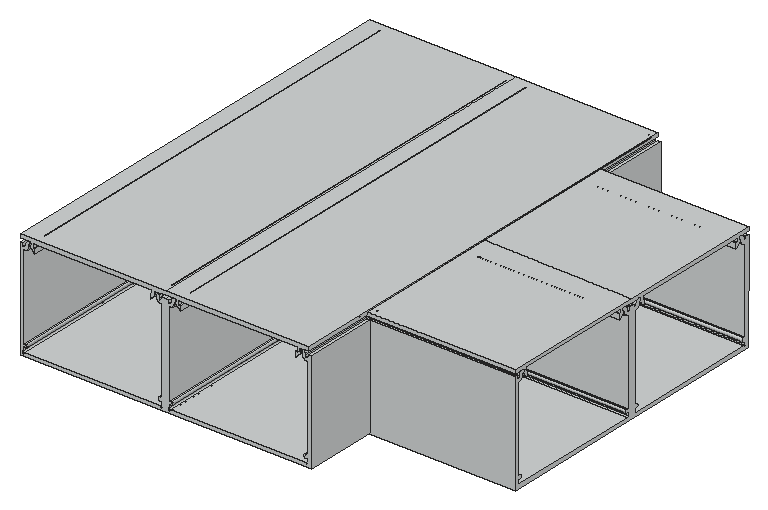
Revit family "Specialty_Equipment-Metal_Raceway-Hubbell_Wiring-Tee-HBLALU4815", category Specialty Equipment, host Face, Revit 2015
Parameters (values of type "HBLALU4815")
  URL = "http://www.hubbell-wiring.com/"
  Product data url = "https://bimobject.com/hubbellwiring/product/hubbell-metal-raceway-alu4800"
  Product Page URL = "http://ecatalog.hubbell-wiring.com/ProductInformation/ViewCatalog.aspx?Dest=hubbell-wiring.com/press/catalog/r.pdf"
  Product Documentation Link = "http://www.hubbell-wiring.com/press/pdfs/h5233r08.pdf"
  Model = "HBLALU4815"  # constant formula
  Manufacturer = "Hubbell Wiring Device Kellems"  # constant formula
  Host Note = "Add in Section View; Host to Wall"  # constant formula
  Description = "Tee"  # constant formula
  Default Elevation = 48.00"
  Cable Tray Material = Metal-Hubbell-Aluminum
  B = 9.00"
  Assembly Code = "D5090900"
  A = 9.00"
Reference planes (in)
  plane 1 "Center (Front/Back)": y = 0
  plane 2: z = 0
  plane 3 "Center (Left/Right)": x = 0
  plane 4: x = 3
  plane 5: y = -4.5
  plane 6: y = -9
  plane 7: x = 9
  plane 8: z = 1.07481
  plane 9: y = -6
  plane 10: y = -3
  plane 11: y = -1.5
  plane 12: y = -7.5
  plane 13: z = 2.23028
  plane 14: x = 6
Forms (in)
  Extrusion 1, solid, material "Metal-Hubbell-Aluminum" <- "Cable Tray Material"
    sketch origin (0, 0, 0) x (1, 0, 0) y (0, 0, 1)
      loop
        line (5.94262, 2.23028) -> (3, 2.23028) -> (0, 2.23028) -> (0, 2.15547) -> (0.20605, 2.15547)
        arc (0.20605, 2.15547) -> (0.23356, 2.1135) -> (0.1907, 2.08739) r 0.03491
        line (0.1907, 2.08739) -> (0.3063, 1.97179) -> (0.3063, 2.07567) -> (0.27431, 2.07567) -> (0.27431, 2.15547) -> (2.71819, 2.15547) -> (2.71819, 2.07567) -> (2.6862, 2.07567) -> (2.6862, 1.97179) -> (2.80067, 2.08626)
        arc (2.80067, 2.08626) -> (2.76559, 2.12109) -> (2.8005, 2.15609) r 0.03491
        line (2.8005, 2.15609) -> (3, 2.15609) -> (3.20605, 2.15547)
        arc (3.20605, 2.15547) -> (3.23356, 2.1135) -> (3.1907, 2.08739) r 0.03491
        line (3.1907, 2.08739) -> (3.3063, 1.97179) -> (3.3063, 2.07567) -> (3.27431, 2.07567) -> (3.27431, 2.15547) -> (5.71819, 2.15547) -> (5.71819, 2.07567) -> (5.6862, 2.07567) -> (5.6862, 1.97179) -> (5.80067, 2.08626)
        arc (5.80067, 2.08626) -> (5.76559, 2.12109) -> (5.8005, 2.15609) r 0.03491
        line (5.8005, 2.15609) -> (5.94262, 2.15609) -> (5.94262, 2.23028)
      loop
        line (3, 0) -> (6, 0) -> (6, 2.09475) -> (5.94262, 2.09475) -> (5.94262, 2.0349) -> (5.88028, 2.0349) -> (5.88028, 2.06645)
        arc (5.88028, 2.06645) -> (5.85965, 2.12128) -> (5.80799, 2.1489) r 0.08316
        arc (5.80799, 2.1489) -> (5.77884, 2.11761) -> (5.81794, 2.10029) r 0.02625
        line (5.81794, 2.10029) -> (5.81794, 2.04986)
        arc (5.81794, 2.04986) -> (5.84919, 1.98777) -> (5.91769, 1.97589) r 0.07731
        line (5.91769, 1.97589) -> (5.91769, 0.23067) -> (5.87903, 0.23067)
        arc (5.87903, 0.23067) -> (5.84786, 0.1995) -> (5.87903, 0.16833) r 0.03117
        line (5.87903, 0.16833) -> (5.91769, 0.16833) -> (5.91769, 0.09738)
        arc (5.91769, 0.09738) -> (5.9282, 0.0643) -> (5.89512, 0.07481) r 0.01955
        line (5.89512, 0.07481) -> (3.09738, 0.07481)
        arc (3.09738, 0.07481) -> (3.06353, 0.06353) -> (3.07481, 0.09738) r 0.01995
        line (3.07481, 0.09738) -> (3.07481, 0.16833) -> (3.11347, 0.16833)
        arc (3.11347, 0.16833) -> (3.14464, 0.1995) -> (3.11347, 0.23067) r 0.03117
        line (3.11347, 0.23067) -> (3.07481, 0.23067) -> (3.07481, 1.97589)
        arc (3.07481, 1.97589) -> (3.14331, 1.98777) -> (3.17456, 2.04986) r 0.07731
        line (3.17456, 2.04986) -> (3.17456, 2.10029)
        arc (3.17456, 2.10029) -> (3.21354, 2.11771) -> (3.18437, 2.14888) r 0.02622
        arc (3.18437, 2.14888) -> (3.1328, 2.12122) -> (3.11222, 2.06645) r 0.08316
        line (3.11222, 2.06645) -> (3.11222, 2.0349) -> (3.04987, 2.0349) -> (3.04987, 2.09475) -> (3, 2.09475) -> (2.91769, 2.09475) -> (2.91769, 2.0349) -> (2.88028, 2.0349) -> (2.88028, 2.06645)
        arc (2.88028, 2.06645) -> (2.85965, 2.12128) -> (2.80799, 2.1489) r 0.08316
        arc (2.80799, 2.1489) -> (2.77884, 2.11761) -> (2.81794, 2.10029) r 0.02625
        line (2.81794, 2.10029) -> (2.81794, 2.04986)
        arc (2.81794, 2.04986) -> (2.84919, 1.98777) -> (2.91769, 1.97589) r 0.07731
        line (2.91769, 1.97589) -> (2.91769, 0.23067) -> (2.87903, 0.23067)
        arc (2.87903, 0.23067) -> (2.84786, 0.1995) -> (2.87903, 0.16833) r 0.03117
        line (2.87903, 0.16833) -> (2.91769, 0.16833) -> (2.91769, 0.09738)
        arc (2.91769, 0.09738) -> (2.9282, 0.0643) -> (2.89512, 0.07481) r 0.01955
        line (2.89512, 0.07481) -> (0.09738, 0.07481)
        arc (0.09738, 0.07481) -> (0.06353, 0.06353) -> (0.07481, 0.09738) r 0.01995
        line (0.07481, 0.09738) -> (0.07481, 0.16833) -> (0.11347, 0.16833)
        arc (0.11347, 0.16833) -> (0.14464, 0.1995) -> (0.11347, 0.23067) r 0.03117
        line (0.11347, 0.23067) -> (0.07481, 0.23067) -> (0.07481, 1.97589)
        arc (0.07481, 1.97589) -> (0.14331, 1.98777) -> (0.17456, 2.04986) r 0.07731
        line (0.17456, 2.04986) -> (0.17456, 2.10029)
        arc (0.17456, 2.10029) -> (0.21354, 2.11771) -> (0.18437, 2.14888) r 0.02622
        arc (0.18437, 2.14888) -> (0.1328, 2.12122) -> (0.11222, 2.06645) r 0.08316
        line (0.11222, 2.06645) -> (0.11222, 2.0349) -> (0.04988, 2.0349) -> (0.04988, 2.09475) -> (0, 2.09475) -> (0, 0) -> (3, 0)
    from 0 to 9 <- "A"
  Extrusion 2, solid, material "Metal-Hubbell-Aluminum" <- "Cable Tray Material"
    sketch origin (0, -0.63252, -0.07542) x (0, 1, 0) y (0, 0, 1)
      loop
        line (-0.86748, 2.3057) -> (-3.86748, 2.3057) -> (-6.86748, 2.3057) -> (-6.86748, 2.23088) -> (-6.66143, 2.23088)
        arc (-6.66143, 2.23088) -> (-6.63392, 2.18891) -> (-6.67678, 2.16281) r 0.03491
        line (-6.67678, 2.16281) -> (-6.56118, 2.0472) -> (-6.56118, 2.15108) -> (-6.59317, 2.15108) -> (-6.59317, 2.23088) -> (-4.14929, 2.23088) -> (-4.14929, 2.15108) -> (-4.18128, 2.15108) -> (-4.18128, 2.0472) -> (-4.06681, 2.16168)
        arc (-4.06681, 2.16168) -> (-4.10189, 2.1965) -> (-4.06698, 2.2315) r 0.03491
        line (-4.06698, 2.2315) -> (-3.86748, 2.2315) -> (-3.66143, 2.23088)
        arc (-3.66143, 2.23088) -> (-3.63392, 2.18891) -> (-3.67678, 2.16281) r 0.03491
        line (-3.67678, 2.16281) -> (-3.56118, 2.0472) -> (-3.56118, 2.15108) -> (-3.59317, 2.15108) -> (-3.59317, 2.23088) -> (-1.14929, 2.23088) -> (-1.14929, 2.15108) -> (-1.18128, 2.15108) -> (-1.18128, 2.0472) -> (-1.06681, 2.16168)
        arc (-1.06681, 2.16168) -> (-1.10189, 2.1965) -> (-1.06698, 2.2315) r 0.03491
        line (-1.06698, 2.2315) -> (-0.86748, 2.2315) -> (-0.86748, 2.3057)
      loop
        line (-3.86748, 0.07542) -> (-0.86748, 0.07542) -> (-0.86748, 2.17017) -> (-0.92486, 2.17017) -> (-0.92486, 2.11032) -> (-0.9872, 2.11032) -> (-0.9872, 2.14187)
        arc (-0.9872, 2.14187) -> (-1.00783, 2.19669) -> (-1.05949, 2.22432) r 0.08316
        arc (-1.05949, 2.22432) -> (-1.08864, 2.19302) -> (-1.04954, 2.1757) r 0.02625
        line (-1.04954, 2.1757) -> (-1.04954, 2.12528)
        arc (-1.04954, 2.12528) -> (-1.01829, 2.06319) -> (-0.94979, 2.0513) r 0.07731
        line (-0.94979, 2.0513) -> (-0.94979, 0.30609) -> (-0.98845, 0.30609)
        arc (-0.98845, 0.30609) -> (-1.01962, 0.27492) -> (-0.98845, 0.24374) r 0.03117
        line (-0.98845, 0.24374) -> (-0.94979, 0.24374) -> (-0.94979, 0.1728)
        arc (-0.94979, 0.1728) -> (-0.93928, 0.13971) -> (-0.97236, 0.15023) r 0.01955
        line (-0.97236, 0.15023) -> (-3.7701, 0.15023)
        arc (-3.7701, 0.15023) -> (-3.80395, 0.13894) -> (-3.79267, 0.1728) r 0.01995
        line (-3.79267, 0.1728) -> (-3.79267, 0.24374) -> (-3.75401, 0.24374)
        arc (-3.75401, 0.24374) -> (-3.72284, 0.27492) -> (-3.75401, 0.30609) r 0.03117
        line (-3.75401, 0.30609) -> (-3.79267, 0.30609) -> (-3.79267, 2.0513)
        arc (-3.79267, 2.0513) -> (-3.72417, 2.06319) -> (-3.69292, 2.12528) r 0.07731
        line (-3.69292, 2.12528) -> (-3.69292, 2.1757)
        arc (-3.69292, 2.1757) -> (-3.65394, 2.19312) -> (-3.68311, 2.2243) r 0.02622
        arc (-3.68311, 2.2243) -> (-3.73468, 2.19664) -> (-3.75526, 2.14187) r 0.08316
        line (-3.75526, 2.14187) -> (-3.75526, 2.11032) -> (-3.81761, 2.11032) -> (-3.81761, 2.17017) -> (-3.86748, 2.17017) -> (-3.92486, 2.17017) -> (-3.92486, 2.11032) -> (-3.9872, 2.11032) -> (-3.9872, 2.14187)
        arc (-3.9872, 2.14187) -> (-4.00783, 2.19669) -> (-4.05949, 2.22432) r 0.08316
        arc (-4.05949, 2.22432) -> (-4.08864, 2.19302) -> (-4.04954, 2.1757) r 0.02625
        line (-4.04954, 2.1757) -> (-4.04954, 2.12528)
        arc (-4.04954, 2.12528) -> (-4.01829, 2.06319) -> (-3.94979, 2.0513) r 0.07731
        line (-3.94979, 2.0513) -> (-3.94979, 0.30609) -> (-3.98845, 0.30609)
        arc (-3.98845, 0.30609) -> (-4.01962, 0.27492) -> (-3.98845, 0.24374) r 0.03117
        line (-3.98845, 0.24374) -> (-3.94979, 0.24374) -> (-3.94979, 0.1728)
        arc (-3.94979, 0.1728) -> (-3.93928, 0.13971) -> (-3.97236, 0.15023) r 0.01955
        line (-3.97236, 0.15023) -> (-6.7701, 0.15023)
        arc (-6.7701, 0.15023) -> (-6.80395, 0.13894) -> (-6.79267, 0.1728) r 0.01995
        line (-6.79267, 0.1728) -> (-6.79267, 0.24374) -> (-6.75401, 0.24374)
        arc (-6.75401, 0.24374) -> (-6.72284, 0.27492) -> (-6.75401, 0.30609) r 0.03117
        line (-6.75401, 0.30609) -> (-6.79267, 0.30609) -> (-6.79267, 2.0513)
        arc (-6.79267, 2.0513) -> (-6.72417, 2.06319) -> (-6.69292, 2.12528) r 0.07731
        line (-6.69292, 2.12528) -> (-6.69292, 2.1757)
        arc (-6.69292, 2.1757) -> (-6.65394, 2.19312) -> (-6.68311, 2.2243) r 0.02622
        arc (-6.68311, 2.2243) -> (-6.73468, 2.19664) -> (-6.75526, 2.14187) r 0.08316
        line (-6.75526, 2.14187) -> (-6.75526, 2.11032) -> (-6.81761, 2.11032) -> (-6.81761, 2.17017) -> (-6.86748, 2.17017) -> (-6.86748, 0.07542) -> (-3.86748, 0.07542)
    from 5.94262 to 9
  Extrusion 3, solid, material "Metal-Hubbell-Aluminum" <- "Cable Tray Material", detail levels medium+fine
    sketch origin (0, 0, 0) x (0, 1, 0) y (0, 0, 1)
      loop
        circle (-3, 1.07481) r 0.5
    from 2.91769 to 5.94262
  Extrusion 4, void, detail levels medium+fine
    sketch origin (0, 0, 0) x (0, 1, 0) y (0, 0, 1)
      loop
        circle (-3, 1.07481) r 0.35
    from 2.91769 to 6
  Extrusion 5, void, detail levels medium+fine
    sketch origin (0, -12, 0) x (0, -1, 0) y (0, 0, -1)
      loop
        circle (-6, -1.07481) r 0.35
    from 5.91769 to 6
Cuts and joins
  Extrusion 4, Extrusion 5 cuts Extrusion 1
  Extrusion 4, Extrusion 5 cuts Extrusion 3
Lines and regions (in)
  symbolic lines, style "Symbolic lines"
    curve 1: line (0, -9, 0) -> (0, 0, 0)
    curve 2: line (0, 0, 0) -> (5.94262, 0, 0)
    curve 3: line (5.94262, 0, 0) -> (5.94262, -1.5, 0)
    curve 4: line (5.94262, -1.5, 0) -> (9, -1.5, 0)
    curve 5: line (9, -1.5, 0) -> (9, -7.5, 0)
    curve 6: line (9, -7.5, 0) -> (5.94262, -7.5, 0)
    curve 7: line (5.94262, -7.5, 0) -> (5.94262, -9, 0)
    curve 8: line (5.94262, -9, 0) -> (0, -9, 0)
    curve 9: line (0, 0, 2.23028) -> (9, 0, 2.23028)
    curve 10: line (0, 0, 0) -> (0, 0, 2.23028)
    curve 11: line (9, 0, 0) -> (0, 0, 0)
    curve 12: line (9, 0, 2.23028) -> (9, 0, 0)
    curve 14: line (0, 0, 2.23028) -> (0, -9, 2.23028)
    curve 15: line (0, 0, 0) -> (0, 0, 2.23028)
    curve 16: line (0, -9, 0) -> (0, 0, 0)
    curve 17: line (0, -9, 2.23028) -> (0, -9, 0)
  symbolic lines, style "Symbolic lines", detail levels medium+fine
    curve 13: line (5.94262, 0, 2.23028) -> (5.94262, 0, 0)
    curve 18: line (0, -1.5, 0) -> (0, -1.5, 2.23028)
    curve 19: line (0, -7.5, 2.23028) -> (0, -7.5, 0)
    curve 20: arc (0, -5.65, 1.07481) -> (0, -6, 1.42481) -> (0, -6.35, 1.07481) r 0.35
    curve 21: arc (0, -6.35, 1.07481) -> (0, -6, 0.72481) -> (0, -5.65, 1.07481) r 0.35
    curve 22: arc (0, -3.35, 1.07481) -> (0, -3, 1.42481) -> (0, -2.65, 1.07481) r 0.35
    curve 23: arc (0, -2.65, 1.07481) -> (0, -3, 0.72481) -> (0, -3.35, 1.07481) r 0.35
    curve 24: line (3, 0, 2.23028) -> (3, 0, 0)
    curve 25: line (0, -4.5, 2.23028) -> (0, -4.5, 0)
Dimensions and locks (in)
  plane 4 to plane 3 "Center (Left/Right)" = 3.00"
  "A": plane 6 to plane 1 "Center (Front/Back)"  (x2)
  equal spacing: plane 6, plane 5, plane 1 "Center (Front/Back)"  (x2)
  plane 7 to plane 3 "Center (Left/Right)" = 9.00"
  locked: plane 8 to host face at 1.07481
  "B": plane 3 "Center (Left/Right)" to plane 7
  equal spacing: Extrusion 2, plane 10, plane 5
  equal spacing: Extrusion 2, plane 9, plane 5
  locked: Extrusion 5 sketch curve to plane 8 at 0
  locked: Extrusion 5 sketch curve to plane 9 at 0
  locked: Extrusion 4 sketch curve to plane 8 at 0
  locked: Extrusion 4 sketch curve to plane 10 at 0
  equal spacing: plane 10, plane 11, plane 1 "Center (Front/Back)"
  equal spacing: plane 6, plane 12, plane 9
  locked: Extrusion 3 sketch curve to plane 10 at 0
  locked: Extrusion 3 sketch curve to plane 8 at 0
  aligned and locked: plane 2 to host face
  aligned and locked: level to host face
  aligned and locked: curve 12 to Extrusion 2
  aligned and locked: curve 13 to Extrusion 2
  aligned and locked: curve 15 to cut or joined group of Extrusion 1, Extrusion 4, Extrusion 5
  aligned and locked: curve 17 to cut or joined group of Extrusion 1, Extrusion 4, Extrusion 5
  aligned and locked: Extrusion 2 to cut or joined group of Extrusion 1, Extrusion 4, Extrusion 5
  aligned and locked: cut or joined group of Extrusion 1, Extrusion 4, Extrusion 5 to Extrusion 3
  aligned and locked: Extrusion 3 to cut or joined group of Extrusion 1, Extrusion 4, Extrusion 5
  aligned and locked: curve 3 to cut or joined group of Extrusion 1, Extrusion 4, Extrusion 5
  aligned and locked: Extrusion 2 to curve 7
  aligned and locked: curve 6 to Extrusion 2
  aligned and locked: curve 4 to Extrusion 2
  aligned and locked: curve 24 to plane 4
  aligned and locked: curve 18 to Extrusion 2
  aligned and locked: curve 19 to Extrusion 2
  aligned and locked: plane 5 to curve 25
  aligned and locked: Extrusion 1 to plane 1 "Center (Front/Back)"
  aligned and locked: plane 6 to Extrusion 1
  aligned and locked: plane 7 to Extrusion 2
  aligned and locked: Extrusion 3 to Extrusion 1
  aligned and locked: Extrusion 1 to Extrusion 3
  aligned and locked: Extrusion 1 to Extrusion 4  (x2)
  aligned and locked: Extrusion 1 to Extrusion 5  (x2)
  aligned and locked: plane 1 "Center (Front/Back)" to curve 2
  aligned and locked: curve 8 to plane 6
  aligned and locked: plane 3 "Center (Left/Right)" to curve 1
  aligned and locked: curve 5 to plane 7
  aligned and locked: plane 2 to curve 11
  aligned and locked: curve 9 to cut or joined group of Extrusion 1, Extrusion 4, Extrusion 5
  aligned and locked: plane 3 "Center (Left/Right)" to curve 10
  aligned and locked: curve 16 to plane 2
  aligned and locked: curve 20 to cut or joined group of Extrusion 1, Extrusion 4, Extrusion 5
  aligned and locked: curve 22 to cut or joined group of Extrusion 1, Extrusion 4, Extrusion 5
  aligned and locked: Extrusion 1 to plane 3 "Center (Left/Right)"
  aligned and locked: Extrusion 2 to plane 11
  aligned and locked: plane 12 to Extrusion 2
  aligned and locked: plane 13 to cut or joined group of Extrusion 1, Extrusion 4, Extrusion 5
  aligned and locked: plane 14 to cut or joined group of Extrusion 1, Extrusion 4, Extrusion 5
Automatic sketch dimensions
  host sketch curve to host sketch curve = 96.00"  (x2)
  Extrusion 1 sketch curve to plane 3 "Center (Left/Right)" = 0.00"  (x2)
  Extrusion 1 sketch curve to level = 0.00"
  Extrusion 1 sketch curve to plane 4 = 0.00"  (x5)
  plane 3 "Center (Left/Right)" to Extrusion 1 sketch curve = 0.04988"
  Extrusion 1 sketch curve to Extrusion 1 sketch curve = 0.02494"  (x2)
  Extrusion 1 sketch curve to Extrusion 1 sketch curve = 0.00"  (x9)
  Extrusion 1 sketch curve to Extrusion 1 sketch curve = 0.00282"  (x4)
  Extrusion 1 sketch curve to Extrusion 1 sketch curve = 0.04738"  (x3)
  Extrusion 1 sketch curve to Extrusion 1 sketch curve = 0.01975"  (x2)
  Extrusion 1 sketch curve to Extrusion 1 sketch curve = 0.01496"  (x8)
  Extrusion 1 sketch curve to Extrusion 1 sketch curve = 0.03865"  (x2)
  Extrusion 1 sketch curve to Extrusion 1 sketch curve = 0.06234"  (x4)
  Extrusion 1 sketch curve to Extrusion 1 sketch curve = 0.00981"  (x2)
  Extrusion 1 sketch curve to Extrusion 1 sketch curve = 0.00347"  (x2)
  Extrusion 1 sketch curve to Extrusion 1 sketch curve = 0.01614"  (x2)
  Extrusion 1 sketch curve to Extrusion 1 sketch curve = 0.00468"  (x2)
  Extrusion 1 sketch curve to Extrusion 1 sketch curve = 0.01166"  (x2)
  Extrusion 1 sketch curve to Extrusion 1 sketch curve = 0.02168"  (x2)
  Extrusion 1 sketch curve to Extrusion 1 sketch curve = 0.07893"  (x3)
  Extrusion 1 sketch curve to Extrusion 1 sketch curve = 0.03199"  (x4)
  Extrusion 1 sketch curve to plane 4 = 0.3138"
  Extrusion 1 sketch curve to Extrusion 1 sketch curve = 0.00338"  (x2)
  Extrusion 1 sketch curve to Extrusion 1 sketch curve = 0.00355"  (x2)
  Extrusion 1 sketch curve to Extrusion 1 sketch curve = 0.00406"  (x2)
  Extrusion 1 sketch curve to Extrusion 1 sketch curve = 0.00749"  (x2)
  Extrusion 1 sketch curve to Extrusion 1 sketch curve = 0.02082"
  Extrusion 1 sketch curve to plane 4 = 0.12097"
  Extrusion 1 sketch curve to Extrusion 1 sketch curve = 0.01608"  (x2)
  Extrusion 1 sketch curve to Extrusion 1 sketch curve = 0.01927"  (x2)
  Extrusion 1 sketch curve to Extrusion 1 sketch curve = 0.00331"  (x4)
  Extrusion 1 sketch curve to Extrusion 1 sketch curve = 0.03741"  (x2)
  Extrusion 1 sketch curve to Extrusion 1 sketch curve = 0.02244"
  plane 4 to Extrusion 1 sketch curve = 0.04987"
  plane 4 to Extrusion 1 sketch curve = 0.07481"
  Extrusion 1 sketch curve to Extrusion 1 sketch curve = 0.06827"
  plane 8 to Extrusion 1 sketch curve = 1.00086"
  Extrusion 1 sketch curve to Extrusion 1 sketch curve = 2.37989"
  Extrusion 1 sketch curve to Extrusion 1 sketch curve = 0.01726"
  level to Extrusion 1 sketch curve = 0.16833"
  Extrusion 1 sketch curve to Extrusion 1 sketch curve = 0.19284"
  Extrusion 1 sketch curve to Extrusion 1 sketch curve = 0.08562"
  level to Extrusion 1 sketch curve = 0.07481"  (x2)
  Extrusion 1 sketch curve to Extrusion 1 sketch curve = 0.07094"  (x3)
  Extrusion 1 sketch curve to Extrusion 1 sketch curve = 0.03117"  (x4)
  Extrusion 1 sketch curve to Extrusion 1 sketch curve = 0.10388"
  plane 8 to Extrusion 1 sketch curve = 0.89698"  (x2)
  Extrusion 1 sketch curve to Extrusion 1 sketch curve = 0.0041"  (x2)
  Extrusion 1 sketch curve to Extrusion 1 sketch curve = 0.09978"
  Extrusion 1 sketch curve to Extrusion 1 sketch curve = 0.01659"  (x4)
  Extrusion 1 sketch curve to Extrusion 1 sketch curve = 0.00922"  (x3)
  Extrusion 1 sketch curve to Extrusion 1 sketch curve = 0.01981"  (x2)
  Extrusion 1 sketch curve to Extrusion 1 sketch curve = 0.0129"  (x2)
  Extrusion 1 sketch curve to Extrusion 1 sketch curve = 0.05985"  (x3)
  Extrusion 1 sketch curve to Extrusion 1 sketch curve = 0.0017"  (x2)
  Extrusion 1 sketch curve to Extrusion 1 sketch curve = 0.00172"  (x2)
  Extrusion 1 sketch curve to Extrusion 1 sketch curve = 0.0798"
  Extrusion 1 sketch curve to Extrusion 1 sketch curve = 0.07419"
  Extrusion 2 sketch curve to level = 0.00"
  Extrusion 2 sketch curve to plane 5 = 0.00"  (x5)
  plane 5 to Extrusion 2 sketch curve = 0.05737"
  plane 5 to Extrusion 2 sketch curve = 0.08231"
  Extrusion 2 sketch curve to Extrusion 2 sketch curve = 0.00"  (x9)
  Extrusion 2 sketch curve to Extrusion 2 sketch curve = 0.00331"  (x3)
  Extrusion 2 sketch curve to Extrusion 2 sketch curve = 0.04738"  (x4)
  Extrusion 2 sketch curve to Extrusion 2 sketch curve = 0.01927"  (x2)
  Extrusion 2 sketch curve to Extrusion 2 sketch curve = 0.01496"  (x8)
  Extrusion 2 sketch curve to Extrusion 2 sketch curve = 0.03865"  (x5)
  Extrusion 2 sketch curve to Extrusion 2 sketch curve = 0.06234"  (x5)
  Extrusion 2 sketch curve to Extrusion 2 sketch curve = 0.00995"
  Extrusion 2 sketch curve to Extrusion 2 sketch curve = 0.00343"
  Extrusion 2 sketch curve to Extrusion 2 sketch curve = 0.01726"  (x2)
  Extrusion 2 sketch curve to Extrusion 2 sketch curve = 0.00749"  (x2)
  Extrusion 2 sketch curve to Extrusion 2 sketch curve = 0.00355"  (x2)
  Extrusion 2 sketch curve to Extrusion 2 sketch curve = 0.07893"  (x2)
  Extrusion 2 sketch curve to Extrusion 2 sketch curve = 0.03199"  (x4)
  plane 8 to Extrusion 2 sketch curve = 0.89698"  (x3)
  Extrusion 2 sketch curve to plane 6 = 1.8063"
  Extrusion 2 sketch curve to Extrusion 2 sketch curve = 0.06827"  (x2)
  Extrusion 2 sketch curve to Extrusion 2 sketch curve = 0.00655"
  Extrusion 2 sketch curve to Extrusion 2 sketch curve = 0.00412"
  plane 8 to Extrusion 2 sketch curve = 1.01258"
  Extrusion 2 sketch curve to Extrusion 2 sketch curve = 0.00468"  (x2)
  Extrusion 2 sketch curve to Extrusion 2 sketch curve = 0.01166"  (x2)
  Extrusion 2 sketch curve to Extrusion 2 sketch curve = 0.02168"  (x2)
  Extrusion 2 sketch curve to Extrusion 2 sketch curve = 0.01614"  (x2)
  level to Extrusion 2 sketch curve = 0.23067"
  Extrusion 2 sketch curve to plane 6 = 1.61347"
  Extrusion 2 sketch curve to Extrusion 2 sketch curve = 0.01608"  (x2)
  Extrusion 2 sketch curve to Extrusion 2 sketch curve = 0.01975"  (x2)
  Extrusion 2 sketch curve to Extrusion 2 sketch curve = 0.04987"  (x2)
  Extrusion 2 sketch curve to plane 5 = 0.04987"
  Extrusion 2 sketch curve to Extrusion 2 sketch curve = 0.02494"
  Extrusion 2 sketch curve to plane 5 = 0.07481"
  Extrusion 2 sketch curve to Extrusion 2 sketch curve = 0.00282"  (x3)
  Extrusion 2 sketch curve to Extrusion 2 sketch curve = 0.00981"
  Extrusion 2 sketch curve to Extrusion 2 sketch curve = 0.00347"
  plane 1 "Center (Front/Back)" to Extrusion 2 sketch curve = 1.8138"
  Extrusion 2 sketch curve to Extrusion 2 sketch curve = 0.00338"
  Extrusion 2 sketch curve to Extrusion 2 sketch curve = 0.00406"
  level to Extrusion 2 sketch curve = 0.16833"
  plane 1 "Center (Front/Back)" to Extrusion 2 sketch curve = 1.62097"
  Extrusion 2 sketch curve to Extrusion 2 sketch curve = 0.03741"
  Extrusion 2 sketch curve to Extrusion 2 sketch curve = 0.08562"
  level to Extrusion 2 sketch curve = 0.07481"  (x2)
  Extrusion 2 sketch curve to Extrusion 2 sketch curve = 0.07094"  (x2)
  Extrusion 2 sketch curve to Extrusion 2 sketch curve = 0.03117"  (x3)
  Extrusion 2 sketch curve to Extrusion 2 sketch curve = 0.0041"  (x2)
  Extrusion 2 sketch curve to Extrusion 2 sketch curve = 0.1115"
  Extrusion 2 sketch curve to Extrusion 2 sketch curve = 0.02094"
  Extrusion 2 sketch curve to Extrusion 2 sketch curve = 0.01659"  (x3)
  Extrusion 2 sketch curve to Extrusion 2 sketch curve = 0.00922"  (x3)
  Extrusion 2 sketch curve to Extrusion 2 sketch curve = 0.10388"
  Extrusion 2 sketch curve to Extrusion 2 sketch curve = 0.01981"  (x2)
  Extrusion 2 sketch curve to Extrusion 2 sketch curve = 0.0129"
  Extrusion 2 sketch curve to Extrusion 2 sketch curve = 0.05985"  (x3)
  Extrusion 2 sketch curve to Extrusion 2 sketch curve = 0.0017"  (x2)
  Extrusion 2 sketch curve to Extrusion 2 sketch curve = 0.00172"  (x2)
  Extrusion 2 sketch curve to Extrusion 2 sketch curve = 0.0798"
  Extrusion 2 sketch curve to Extrusion 2 sketch curve = 0.07419"
  plane 8 to curve 15 = 1.15547"
  radius of Extrusion 3 sketch curve = 0.50"
  radius of Extrusion 4 sketch curve = 0.35"
  radius of Extrusion 5 sketch curve = 0.35"
